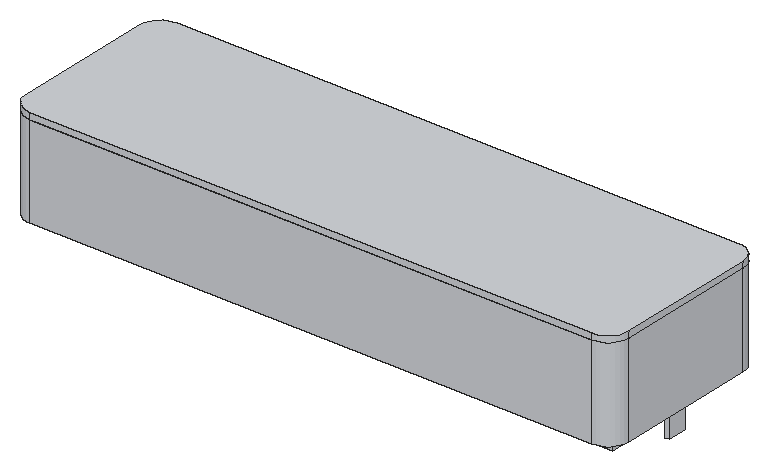
Revit family "Gira_289200", category Electrical Fixtures, host Face, Revit 2017
Family settings
  Host = Face
  Maintain Annotation Orientation = No
  Round Connector Dimension = Use Diameter
  Part Type = Normal
  Cut with Voids When Loaded = No
  Shared = No
  Room Calculation Point = No
Parameters (values of type "UP-EB-Dose 2f Gira E22")
  URL = "http://katalog.gira.de/de_DE/datenblatt.html?artikelnr=289200"
  Region = "DE"
  Name = "UP-EB-Dose 2f Gira E22"
  Manufacturer URL = "https://www.gira.de/"
  Keynote = "UP-EB-Dose_4fach"
  HeinzeBIM = "https://bimportal.heinze.de/bim/up-eb-dose-2f-gira-e22/d6596e3c6185cdc3336e3c07ae1dfc9d8fb03152"
  HAN = "289200"
  GTIN = "4010337049791"
  Default Elevation = 1219.2 mm
  Data sheet (1) = "https://katalog.gira.de/de_DE/download.html?artikelnr=289200"
  Category = "Ersatzteil für Installationsschalterprogramme"
  Available = "Yes"
Reference planes
  plane 1 "Center (Front/Back)": y = 0
  plane 2: z = 0
  plane 3 "Center (Left/Right)": x = 0
Forms (mm)
  Extrusion 1, solid, detail levels fine
    sketch origin (0, 0, 0) x (1, 0, 0) y (0, 1, 0)
      loop
        arc (-142, 46.25) -> (-149.248, 43.248) -> (-152.25, 36) r 10.25
        line (-152.25, 36) -> (-152.25, -36)
        arc (-152.25, -36) -> (-149.248, -43.248) -> (-142, -46.25) r 10.25
        line (-142, -46.25) -> (142, -46.25)
        arc (142, -46.25) -> (149.248, -43.248) -> (152.25, -36) r 10.25
        line (152.25, -36) -> (152.25, 36)
        arc (152.25, 36) -> (149.248, 43.248) -> (142, 46.25) r 10.25
        line (142, 46.25) -> (-142, 46.25)
    from 47 to 50
  Extrusion 2, solid, detail levels fine
    sketch origin (0, 0, 0) x (1, 0, 0) y (0, 1, 0)
      loop
        arc (-142, 46.25) -> (-149.248, 43.248) -> (-152.25, 36) r 10.25
        line (-152.25, 36) -> (-152.25, -36)
        arc (-152.25, -36) -> (-149.248, -43.248) -> (-142, -46.25) r 10.25
        line (-142, -46.25) -> (142, -46.25)
        arc (142, -46.25) -> (149.248, -43.248) -> (152.25, -36) r 10.25
        line (152.25, -36) -> (152.25, 36)
        arc (152.25, 36) -> (149.248, 43.248) -> (142, 46.25) r 10.25
        line (142, 46.25) -> (-142, 46.25)
      loop
        arc (-150.75, -36) -> (-149.959, -39.636) -> (-147.727, -42.615) r 8.75
        line (-147.727, -42.615) -> (147.727, -42.615)
        arc (147.727, -42.615) -> (149.959, -39.636) -> (150.75, -36) r 8.75
        line (150.75, -36) -> (150.75, 36)
        arc (150.75, 36) -> (149.959, 39.636) -> (147.727, 42.615) r 8.75
        line (147.727, 42.615) -> (-147.727, 42.615)
        arc (-147.727, 42.615) -> (-149.959, 39.636) -> (-150.75, 36) r 8.75
        line (-150.75, 36) -> (-150.75, -36)
    from 0 to 47
  Extrusion 3, solid, detail levels fine
    sketch origin (0, 0, 0) x (1, 0, 0) y (0, 1, 0)
      loop
        line (-147, -39.766) -> (147, -39.766) -> (147, 39.75) -> (-147, 39.75) -> (-147, -39.766)
      loop
        line (144.5, -37.75) -> (144.5, 37.75) -> (-144.5, 37.75) -> (-144.5, -37.75) -> (144.5, -37.75)
    from -4.1 to 0
  Extrusion 4, solid, detail levels fine
    sketch origin (0, 0, 0) x (1, 0, 0) y (0, 1, 0)
      loop
        line (147, 39.75) -> (-147, 39.75) -> (-147, -39.766) -> (147, -39.766) -> (147, 39.75)
      loop
        arc (147.727, -42.615) -> (149.959, -39.636) -> (150.75, -36) r 8.75
        line (150.75, -36) -> (150.75, 36)
        arc (150.75, 36) -> (149.959, 39.636) -> (147.727, 42.615) r 8.75
        line (147.727, 42.615) -> (-147.727, 42.615)
        arc (-147.727, 42.615) -> (-149.959, 39.636) -> (-150.75, 36) r 8.75
        line (-150.75, 36) -> (-150.75, -36)
        arc (-150.75, -36) -> (-149.959, -39.636) -> (-147.727, -42.615) r 8.75
        line (-147.727, -42.615) -> (147.727, -42.615)
    from 0 to 2
  Extrusion 5, solid, detail levels medium+fine
    sketch origin (0, 0, 0) x (1, 0, 0) y (0, 1, 0)
      loop
        line (145.5, -4.939) -> (148, -4.939) -> (148, 4.939) -> (145.5, 4.939) -> (145.5, -4.939)
      loop
        line (-145.5, -4.939) -> (-145.5, 4.939) -> (-148, 4.939) -> (-148, -4.939) -> (-145.5, -4.939)
    from -14.039 to 0
  Extrusion 6, solid, detail levels medium
    sketch origin (0, 0, 0) x (1, 0, 0) y (0, 1, 0)
      loop
        line (-152.25, 46.25) -> (-152.25, -46.25) -> (152.25, -46.25) -> (152.25, 46.25) -> (-152.25, 46.25)
    from 0 to 50
  Extrusion 7, solid, detail levels medium
    sketch origin (0, 0, 0) x (1, 0, 0) y (0, 1, 0)
      loop
        line (-147, -39.766) -> (147, -39.766) -> (147, 39.75) -> (-147, 39.75) -> (-147, -39.766)
    from -4.1 to 0
  Extrusion 8, solid, detail levels coarse
    sketch origin (0, 0, 0) x (1, 0, 0) y (0, 1, 0)
      loop
        line (-152.25, 46.25) -> (-152.25, -46.25) -> (152.25, -46.25) -> (152.25, 46.25) -> (-152.25, 46.25)
    from -14.039 to 50
Dimensions and locks
  aligned and locked: plane 2 to host face
  aligned and locked: level to host face
